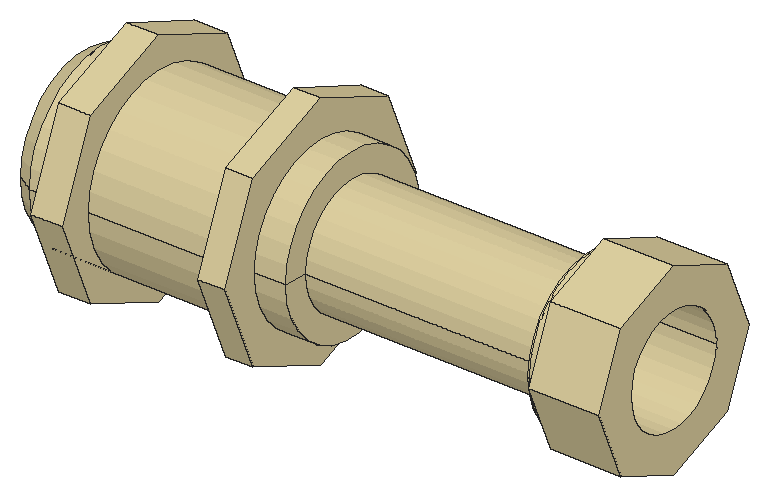
Revit family "HA07522129", category Apparecchi idraulici, Revit 2020
Family settings
  Quota connettore circolare = Usa diametro
  Tipo di parte = Normale
  Numero OmniClass = 23.45.00.00
  Titolo OmniClass = Sanitary, Laundry, and Cleaning Equipment
  Basato su piano di lavoro = No
  Sempre verticale = Sì
  Taglio con vuoti quando caricato = No
  Condiviso = No
  Punto di calcolo locali = No
Parameters
  URL = "https://web.cimberio.com/index.php/figura/1005?subcategoria_id=54551"
  Temperatura di esercizio = "-10 ÷ 65°C (servizio continuo) 90° (picchi di 1 h) secondo EN13959"
  Prospetto di default = 0 mm
  Produttore = "CIMBERIO SPA"
  Pressione nominale = "PN 16"
  Modello = "Cim 752"
  Materiale = "Prodotto in lega di ottone conforme alla norma EN 12165-CW617N-DW"
  Descrizione = "Realizzato in ottemperanza ai requisiti gestionali della norma EN ISO 9001.\r\nUtilizzato per la regolazione della temperatura degli ambienti e comandare apparecchi degli impianti di riscaldamento e condizionamento."
  DN [instance] = 20 mm
  Commenti sul tipo = "Utilizzato nei più svariati settori dell'impiantistica: reti di distribuzione acqua potabile, impianti di riscaldamento, condizionamento, igienico-sanitari e in generale con ogni fluido non corrosivo"
Reference planes
  plane 1 "Centro (Fronte/Retro)": y = 0
  plane 2: z = 0
  plane 3 "Centro (Sinistra/Destra)": x = 0
Forms (mm)
  Revolve 1, solid, material "Cim_Lega di ottone gialla"
    sketch origin (0, 0, 0) x (1, 0, 0) y (0, 1, 0)
      loop
        line (-6, 8) -> (44.3, 8) -> (44.3, 11) -> (0, 11) -> (0, 15.5) -> (-6, 15.5) -> (-6, 8)
      axis (44.3, 0) -> (-6, 0)
    angle from 0 to 360
  Revolve 2, solid, material "Cim_Lega di ottone gialla filetto"
    sketch origin (0, 0, 0) x (1, 0, 0) y (0, 1, 0)
      loop
        line (-11, 16.6) -> (-46.8, 16.6) -> (-50, 14.752) -> (-50, 10) -> (-11, 10) -> (-11, 16.6)
      axis (-50, 0) -> (-11, 0)
    angle from 0 to 360
  Extrusion 3, solid, material "Cim_Lega di ottone gialla"
    sketch origin (0, 0, 0) x (0, 1, 0) y (0, 0, 1)
      loop
        circle (0, 0) r 10
      loop
        line (-22.25, 0) -> (-15.733, -15.733) -> (0, -22.25) -> (15.733, -15.733) -> (22.25, 0) -> (15.733, 15.733) -> (0, 22.25) -> (-15.733, 15.733) -> (-22.25, 0)
    from -42 to -36
  Extrusion 4, solid, material "Cim_Lega di ottone gialla"
    sketch origin (0, 0.078, 0) x (0, 1, 0) y (0, 0, 1)
      loop
        circle (0, 0) r 10
      loop
        line (-22.25, 0) -> (-15.733, -15.733) -> (0, -22.25) -> (15.733, -15.733) -> (22.25, 0) -> (15.733, 15.733) -> (0, 22.25) -> (-15.733, 15.733) -> (-22.25, 0)
    from -11 to -6
  Revolve 5, solid, material "Cim_Lega di ottone gialla"
    sketch origin (0, 0, 0) x (1, 0, 0) y (0, 1, 0)
      loop
        arc (44.8, 14.75) -> (44.446, 14.604) -> (44.3, 14.25) r 0.5
        line (44.3, 14.25) -> (44.3, 10) -> (46.8, 10) -> (46.8, 14.75) -> (44.8, 14.75)
      axis (46.8, 0) -> (44.3, 0)
    angle from 0 to 360
  Extrusion 6, solid, material "Cim_Lega di ottone gialla"
    sketch origin (0, 0, 0) x (0, 1, 0) y (0, 0, 1)
      loop
        circle (0, 0) r 10
      loop
        line (17.4, 0) -> (12.304, 12.304) -> (0, 17.4) -> (-12.304, 12.304) -> (-17.4, 0) -> (-12.304, -12.304) -> (0, -17.4) -> (12.304, -12.304) -> (17.4, 0)
    from 46.8 to 59.8
Dimensions and locks
  aligned and locked: level to plane 2
Connectors
  piping at (59.8, 0, 0), diameter 20, driven by "DN"
    settings: on Extrusion 6, index 1, connector inside diameter 609.6 mm, connector length 0 mm, flow factor 0, pipe flow 0.0 L/s, pressure drop 0.0 Pa, fitting loss kfactor 0, connector angle 0.00°, fixture units 0, engagement length 0 mm, angle of deflection 0.00°, flow configuration 0, flow direction 0, fitting loss method 0, system type 7, joint type 0, gender type 0, connector reference index -1, connector utility 0, adjustable connector no, is connector primary yes, connector description ""
  piping at (-50, 0, 0), diameter 20, driven by "DN"
    settings: on Revolve 2, index 2, connector inside diameter 609.6 mm, connector length 0 mm, flow factor 0, pipe flow 0.0 L/s, pressure drop 0.0 Pa, fitting loss kfactor 0, connector angle 0.00°, fixture units 0, engagement length 0 mm, angle of deflection 0.00°, flow configuration 0, flow direction 0, fitting loss method 0, system type 7, joint type 0, gender type 0, connector reference index -1, connector utility 0, adjustable connector no, is connector primary no, connector description ""
